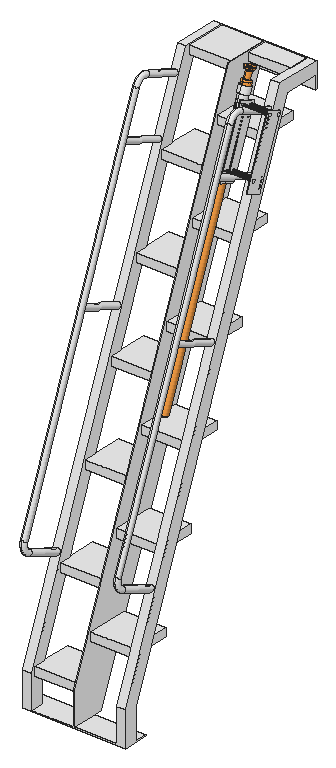
Revit family "Construction_Stairs-Precision_Ladders-Alternating_Tread_Ladder-V1", category Specialty Equipment, Revit 2019
Family settings
  Round Connector Dimension = Use Diameter
  Part Type = Normal
  OmniClass Number = 23.30.70.17
  OmniClass Title = Ladders
  Work Plane-Based = No
  Always vertical = Yes
  Cut with Voids When Loaded = No
  Shared = No
  Room Calculation Point = No
Parameters (values of type "To Roof Hatch")
  offset [instance] = 0' - 0"
  With Walk-Thru = no
  URL = "http://www.precisionladders.com"
  TreadArray [instance] = round(LadderLength / (Riser Height Real / sin(Angle)))  # 13
  Riser Height Real [instance] = if(Desired Riser Height < Riser Height MIN, Riser Height MIN, if(Desired Riser Height > Riser Height MAX, Riser Height MAX, Desired Riser Height))  # 0' - 9"
  Riser Height MIN [instance] = 0' - 8"  # constant formula
  Riser Height MAX [instance] = 0' - 9 1/2"  # constant formula
  Riser Height [instance] = "Design dimensions may vary from actual dimensions.  Always confirm actual dimensions with manufacturer."  # constant formula
  Product data url = "https://www.bimobject.com/precision_ladders_llc/product/alternating-tread-stairs"
  Product Page URL = "https://precisionladders.com/products/alternating-tread-stairs/"
  Model Number = "AT-1"
  Model = "Alternating Tread Stairs"  # constant formula
  Material = Metal - Precision Ladders LLC - Aluminum - Mill Finish
  Manufacturer = "Precision Ladders, LLC"
  LadderLength [instance] = Height Real / sin(Angle Real)  # 10' - 9.42417"
  Ladder Width Real [instance] = if(Ladder Width < Ladder Width MIN, Ladder Width MIN, if(Ladder Width > Ladder Width MAX, Ladder Width MAX, Ladder Width))  # 2' - 0"
  Ladder Width MIN [instance] = if([With Walk-Thru], 2' 4", 2' 0")  # 2' - 0"
  Ladder Width MAX [instance] = if([With Walk-Thru], 2' 4", 2' 0")  # 2' - 0"
  Ladder Width [instance] = if([With Walk-Thru], 2' 4", 2' 0")  # 2' - 0"
  Ladder Depth [instance] = Height / tan(Angle Real) + 0' 7" / sin(Angle Real)  # 4' - 8.03289"
  Keynote = ""
  Height Real [instance] = if(Height > Height MAX, Height MAX, Height)  # 10' - 0"
  Height MAX [instance] = 20' - 0"  # constant formula
  Height [instance] = 10' - 0"
  Extend-A-Rail Retracted [instance] = yes
  Extend-A-Rail Real [instance] = if(and([Extend-A-Rail], not([With Walk-Thru])), 1 < 2, 1 > 2)  # yes
  Extend-A-Rail [instance] = yes
  Desired Riser Height [instance] = 0' - 9"
  Description = "Alternating Tread Stairs (alternating tread ladders) for rooftop access, mezzanine access, or crossover obstacles"
  Assembly Code = ""
  Angle Real [instance] = if(Angle < Angle MIN, Angle MIN, if(Angle > Angle MAX, Angle MAX, Angle))  # 68.00°
  Angle MIN [instance] = 56.00°  # constant formula
  Angle MAX [instance] = 68.00°  # constant formula
  Angle 68 [instance] = yes
  Angle 56 [instance] = not(Angle 68)  # no
  Angle [instance] = if(Angle 68, 68.00°, 56.00°)  # 68.00°
  Actual Riser Height [instance] = sin(Angle Real) * (LadderLength / (TreadArray))  # 0' - 9.23077"
Reference planes (in)
  plane 1 "Center (Front/Back)": y = 0.99421
  plane 2 "Bottom": z = 0
  plane 3 "Center (Left/Right)": x = 12
  plane 4 "Left": x = 0
  plane 5 "Right": x = 24
  plane 6 "Top": z = 120
  plane 7: y = 57.0271
Lines and regions (in)
  reference lines
    curve 1: line (12, 0.99421, 0) -> (12, 47.82003, 115.89798)
Dimensions and locks (in)
  "Height Real": plane 6 "Top" to level
  equal spacing: plane 4 "Left", plane 3 "Center (Left/Right)", plane 5 "Right"
  "Ladder Width Real": plane 4 "Left" to plane 5 "Right"
  "Ladder Depth": plane 1 "Center (Front/Back)" to plane 7
  "Angle Real": angle curve 1 to level
  aligned and locked: plane 3 "Center (Left/Right)" to nested 1
Automatic sketch dimensions
  curve 1 to level = 0' - 0"
  curve 1 to plane 1 "Center (Front/Back)" = 0' - 0"
Nested families (in)
  nested 1: "Ladder" at (0, 27.1159, 64.65346) x (1, 0, 0) z (0, -0.9272, 0.3746), Material <- "Material", Angle <- "Angle Real", Walk Through <- "With Walk-Thru", Handrail Material <- "Material", Width <- "Ladder Width Real", Extend-A-Rail <- "Extend-A-Rail Real", Extend-A-Rail Retracted <- "Extend-A-Rail Retracted", type "Ladder"
    with Width 2' - 0", Walk Through no, Treads Array Odd 6, Treads Array Even 6, Treads Array 13, Tread Width 0' - 9 7/8", Tread Position 0' - 9.95571", Tread Offset Right 0' - 1.13475", Tread Depth 2 0' - 4 29/32", Tread Depth 0' - 9 13/16", Rail Length 7' - 9.42417", Rail Extension 3' - 9.29846", Offset 0' - 0", Material Metal - Precision Ladders LLC - Aluminum - Mill Finish, Length 10' - 9.42417", Height 0' - 3", Handrail Material Metal - Precision Ladders LLC - Aluminum - Mill Finish, Extend-A-Rail Retracted yes, Extend-A-Rail yes, Angle 68.00°, Actual Tread Spacing 0' - 9.23077", Desired Tread Spacing 0' - 9"
Definition of nested family "Ladder"
  Parameters (values of type "Ladder")
    Width [instance] = 2' - 6"
    Walk Through [instance] = yes
    URL = ""
    Treads Array Odd [instance] = Treads Array / 2 - 1  # 6
    Treads Array Even [instance] = Treads Array - Treads Array Odd - 1  # 6
    Treads Array [instance] = round(Length / (Desired Tread Spacing / sin(Angle)))  # 13
    Tread Width [instance] = Width / 2 - 0' 2" - 0' 0 1/8"  # 1' - 0 7/8"
    Desired Tread Spacing = 0' - 9 1/2"
    Tread Position [instance] = Actual Tread Spacing / sin(Angle)  # 0' - 9.95571"
    Tread Offset Right [instance] = 0' 2 207/256" / tan(Angle)  # 0' - 1.13475"
    Tread Depth 2 [instance] = Tread Depth / 2  # 0' - 4 29/32"
    Tread Depth [instance] = if(Angle < 60.00°, 0' 11", 0' 9 13/16")  # 0' - 9 13/16"
    Rail Length [instance] = Length - 3' 0"  # 7' - 9.42417"
    Rail Extension [instance] = 3' 6" / sin(Angle)  # 3' - 9.29846"
    Offset [instance] = 0' - 0"
    Model = ""
    Material [instance] = none
    Manufacturer = ""
    Length [instance] = Floor to Floor Height / sin(Angle)  # 10' - 9.42417"
    Keynote = ""
    Height [instance] = 0' - 3"
    Handrail Material [instance] = none
    Floor to Floor Height = 10' - 0"
    Extend-A-Rail Retracted [instance] = no
    Extend-A-Rail [instance] = yes
    Description = ""
    Default Elevation = 4' - 0"
    Assembly Code = ""
    Angle [instance] = 68.00°
    Actual Tread Spacing [instance] = sin(Angle) * (Length / ((Treads Array)))  # 0' - 9.23077"
  Reference planes (in)
    plane 1 "Center (Front/Back)": y = -5.01892
    plane 2 "Bottom": z = 0
    plane 3 "Center (Left/Right)": x = 12
    plane 4 "Front": y = -69.731
    plane 5 "Back": y = 59.69317
    plane 6 "Left": x = -3
    plane 7 "Right": x = 27
    plane 8 "Top": z = 3
    plane 9: z = 2.81055
    plane 10: y = -59.731
    plane 11: x = 25
    plane 12: x = -1
    plane 13: y = 58.55842
    plane 14: y = 48.60272
    plane 15: y = 38.64701
    plane 16: y = 28.6913
    plane 17: y = 18.7356
  Forms (in)
    Extrusion 1, solid, material <- "Material"
      sketch origin (-11.94222, -69.731, 48) x (-1, 0, 0) y (0, 0, 1)
        loop
          line (-8.94222, -45) -> (-10.94222, -45) -> (-10.94222, -48) -> (-8.94222, -48) -> (-8.94222, -45)
        loop
          line (-38.94222, -45) -> (-38.94222, -48) -> (-36.94222, -48) -> (-36.94222, -45) -> (-38.94222, -45)
      from 10 to 129.42417
    Extrusion 2, void
      sketch origin (12, -10.03784, 0) x (0, -1, 0) y (0, 0, -1)
        loop
          line (-69.731, 0) -> (-72.95894, 0) -> (-72.95894, -3.44456) -> (-68.33931, -3.44456) -> (-69.731, 0)
      from -15 to 15
    Sweep 3, solid, material <- "Material"
      path origin (12, 0, 0) x (0, 1, 0) y (0, 0, 1)
        loop
          line (-59.731, 3) -> (-62.30574, 3) -> (-69.731, 0)
      profile origin (12, -61.01837, 3) x (0, 0, -1) y (1, 0, 0)
        loop
          line (0, -15) -> (3, -15) -> (3, -13) -> (0, -13) -> (0, -15)
    Sweep 4, solid, material <- "Material"
      path origin (12, 0, 0) x (0, 1, 0) y (0, 0, -1)
        loop
          line (-59.731, -3) -> (-62.30574, -3) -> (-69.731, 0)
      profile origin (12, -61.01837, 3) x (0, 0, 1) y (-1, 0, 0)
        loop
          line (0, -15) -> (0, -13) -> (-3, -13) -> (-3, -15) -> (0, -15)
    Sweep 5, solid, material <- "Material"
      path origin (12, 0, 0) x (0, 1, 0) y (0, 0, 1)
        loop
          line (58.48109, 3) -> (59.62802, 0.16124) -> (62.52135, -7)
      profile origin (12, 61.07469, -3.41938) x (0, 0.927184, 0.374607) y (1, 0, 0)
        loop
          line (0, -13) -> (-3, -13) -> (-3, -15) -> (0, -15) -> (0, -13)
    Sweep 6, solid, material <- "Material"
      path origin (12, 0, 0) x (0, 1, 0) y (0, 0, -1)
        loop
          line (58.48109, -3) -> (59.21486, -1.18386) -> (62.52135, 7)
      profile origin (12, 60.8681, -2.90807) x (0, -0.927184, -0.374607) y (-1, 0, 0)
        loop
          line (0, -13) -> (0, -15) -> (3, -15) -> (3, -13) -> (0, -13)
    Extrusion 7, solid, material <- "Material"
      sketch origin (12, 0, 0) x (0, 1, 0) y (0, 0, 1)
        loop
          line (-69.731, 0) -> (-67.48336, -5.5631) -> (-67.25157, -5.46945) -> (-69.49921, 0.09365) -> (-69.731, 0)
      from -15 to 15
    Extrusion 8, solid, material <- "Material"
      sketch origin (12, 0, 0) x (0, 1, 0) y (0, 0, 1)
        loop
          line (-62.30574, 3) -> (-69.49921, 0.09365) -> (-66.63319, -7) -> (62.52135, -7) -> (58.48109, 3) -> (-62.30574, 3)
      from -0.125 to 0.125
    Extrusion 9, solid, material <- "Material"
      sketch origin (12, 0, 0) x (0, 1, 0) y (0, 0, 1)
        loop
          line (56.95825, -9.24764) -> (62.52135, -7) -> (62.4277, -6.7682) -> (56.8646, -9.01584) -> (56.95825, -9.24764)
      from -15 to 15
    Extrusion 10, solid, material <- "Material"
      sketch origin (12, 0, 0) x (0, 1, 0) y (0, 0, 1)
        loop
          line (58.75187, 2.32979) -> (56.8975, 1.58057) -> (60.57333, -7.51742) -> (62.4277, -6.7682) -> (58.75187, 2.32979)
      from -13 to -0.125
    Extrusion 11, solid, material <- "Material"
      sketch origin (12, 0, 0) x (0, 1, 0) y (0, 0, -1)
        loop
          line (60.58978, 2.21921) -> (62.4277, 6.7682) -> (60.57333, 7.51742) -> (58.73542, 2.96842) -> (60.58978, 2.21921)
      from -13 to -0.125
  Cuts and joins
    Extrusion 2 cuts Extrusion 1
    joined: Extrusion 1, Sweep 3, Sweep 4, Sweep 5, Sweep 6, Extrusion 7, Extrusion 8, Extrusion 9
  Lines and regions (in)
    model lines, detail levels medium+fine
      curve 1: line (11.875, 61.20242, -3.73554) -> (-1, 61.20242, -3.73554)
      curve 2: line (-1, 61.81506, -5.25187) -> (11.875, 61.81506, -5.25187)
      curve 3: line (12.125, 61.81506, -5.25187) -> (25, 61.81506, -5.25187)
      curve 4: line (25, 61.20242, -3.73554) -> (12.125, 61.20242, -3.73554)
      curve 5: line (11.875, 60.58978, -2.21921) -> (-1, 60.58978, -2.21921)
      curve 6: line (11.875, 59.97715, -0.70288) -> (-1, 59.97715, -0.70288)
      curve 7: line (11.875, 59.36451, 0.81346) -> (-1, 59.36451, 0.81346)
  Dimensions and locks (in)
    "Height": plane 8 "Top" to level
    equal spacing: plane 6 "Left", plane 3 "Center (Left/Right)", plane 7 "Right"
    "Width": plane 6 "Left" to plane 7 "Right"
    equal spacing: plane 5 "Back", plane 1 "Center (Front/Back)", plane 4 "Front"
    "Length": plane 5 "Back" to plane 4 "Front"
    locked: plane 9 to plane 8 "Top" at 0.18945
    locked: plane 5 "Back" to nested 1 at 6
    locked: plane 5 "Back" to nested 2 at 6
    nested 1 to plane 7 "Right" = 0' - 1"
    plane 6 "Left" to nested 2 = 0' - 1"
    locked: nested 2 to plane 6 "Left" at 1
    locked: plane 7 "Right" to nested 1 at 1
    plane 10 to plane 4 "Front" = 0' - 10"
    locked: Extrusion 7 sketch curve to Extrusion 7 sketch curve at 0.25
    locked: Extrusion 7 sketch curve to Extrusion 7 sketch curve at 6
    cut or joined group of Extrusion 1, Extrusion 2, Sweep 3, Sweep 4, Sweep 5, Sweep 6, Extrusion 7, Extrusion 8, Extrusion 9 to Extrusion 8 sketch curve = 0' - 10"
    locked: plane 8 "Top" to Sweep 5 sketch curve at 10
    locked: Extrusion 9 sketch curve to Extrusion 9 sketch curve at 0.25
    locked: Extrusion 9 sketch curve to Extrusion 9 sketch curve at 6
    locked: plane 8 "Top" to Sweep 6 sketch curve at 10
    "Tread Depth": Extrusion 10 sketch curve to cut or joined group of Extrusion 1, Extrusion 2, Sweep 3, Sweep 4, Sweep 5, Sweep 6, Extrusion 7, Extrusion 8, Extrusion 9
    locked: Extrusion 10 sketch curve to Extrusion 10 sketch curve at 2
    equal spacing: Extrusion 10, curve 1, curve 2, Extrusion 10
    locked: Extrusion 1 sketch curve to plane 6 "Left" at 2
    locked: plane 7 "Right" to Extrusion 1 sketch curve at 2
    locked: plane 11 to plane 7 "Right" at 2
    locked: plane 6 "Left" to plane 12 at 2
    locked: Extrusion 11 sketch curve to Extrusion 11 sketch curve at 2
    equal spacing: Extrusion 11, curve 4, curve 3, Extrusion 11
    equal spacing: Extrusion 10, curve 7, curve 6, curve 5, curve 1, curve 2, Extrusion 10
    "Tread Depth 2": Extrusion 10 to Extrusion 11 sketch curve
    locked: plane 5 "Back" to nested 4 at 13
    locked: nested 4 to plane 8 "Top" at 6
    "Tread Offset Right": plane 5 "Back" to plane 13
    "Tread Position": plane 13 to plane 14
    "Tread Position": plane 14 to plane 15
    "Tread Position": plane 15 to plane 16
    "Tread Position": plane 16 to plane 17
    equal spacing: group 1, group 2, group 5, group 6, group 7, group 8  (x2)
    equal spacing: group 8, group 7, group 6, group 5, group 2, group 1
    equal spacing: group 3, group 4, group 9, group 10, group 11, group 12  (x2)
    equal spacing: group 12, group 11, group 10, group 9, group 4, group 3
    nested 5 to cut or joined group of Extrusion 1, Extrusion 2, Sweep 3, Sweep 4, Sweep 5, Sweep 6, Extrusion 7, Extrusion 8, Extrusion 9 = 0' - 9.23004"
    nested 3 to nested 5 = 0' - 9.23077"
    "Angle": angle level to Extrusion 2 sketch curve
    "Angle": angle plane 4 "Front" to Sweep 3 sketch curve
    "Angle": angle level to Sweep 5 sketch curve
    "Angle": angle level to Sweep 6 sketch curve
    "Angle": angle plane 4 "Front" to Sweep 4 sketch curve
    aligned and locked: plane 5 "Back" to Extrusion 1
    aligned and locked: Extrusion 2 sketch curve to level
    aligned and locked: Extrusion 2 to plane 6 "Left"
    aligned and locked: plane 7 "Right" to Extrusion 2
    aligned and locked: nested 1 to plane 8 "Top"
    aligned and locked: plane 8 "Top" to nested 2
    aligned and locked: cut or joined group of Extrusion 1, Extrusion 2, Sweep 3, Sweep 4, Sweep 5, Sweep 6, Extrusion 7, Extrusion 8, Extrusion 9 to Sweep 3 sketch curve  (x2)
    aligned and locked: Sweep 3 sketch curve to cut or joined group of Extrusion 1, Extrusion 2, Sweep 3, Sweep 4, Sweep 5, Sweep 6, Extrusion 7, Extrusion 8, Extrusion 9  (x2)
    aligned and locked: plane 10 to Extrusion 1
    aligned and locked: Sweep 3 sketch curve to plane 8 "Top"
    aligned and locked: plane 4 "Front" to Sweep 3 sketch curve
    aligned and locked: level to Sweep 3 sketch curve
    aligned and locked: Sweep 4 sketch curve to cut or joined group of Extrusion 1, Extrusion 2, Sweep 3, Sweep 4, Sweep 5, Sweep 6, Extrusion 7, Extrusion 8, Extrusion 9  (x4)
    aligned and locked: Sweep 5 sketch curve to cut or joined group of Extrusion 1, Extrusion 2, Sweep 3, Sweep 4, Sweep 5, Sweep 6, Extrusion 7, Extrusion 8, Extrusion 9  (x3)
    aligned and locked: cut or joined group of Extrusion 1, Extrusion 2, Sweep 3, Sweep 4, Sweep 5, Sweep 6, Extrusion 7, Extrusion 8, Extrusion 9 to Sweep 6 sketch curve  (x2)
    aligned and locked: Sweep 6 sketch curve to Sweep 5
    aligned and locked: Sweep 4 sketch curve to plane 8 "Top"
    aligned and locked: plane 4 "Front" to Sweep 4 sketch curve
    aligned and locked: level to Sweep 4 sketch curve
    aligned and locked: Extrusion 7 sketch curve to cut or joined group of Extrusion 1, Extrusion 2, Sweep 3, Sweep 4, Sweep 5, Sweep 6, Extrusion 7, Extrusion 8, Extrusion 9  (x2)
    aligned and locked: Extrusion 7 to plane 6 "Left"
    aligned and locked: plane 7 "Right" to Extrusion 7
    aligned and locked: Extrusion 8 sketch curve to cut or joined group of Extrusion 1, Extrusion 2, Sweep 3, Sweep 4, Sweep 5, Sweep 6, Extrusion 7, Extrusion 8, Extrusion 9  (x3)
    aligned and locked: cut or joined group of Extrusion 1, Extrusion 2, Sweep 3, Sweep 4, Sweep 5, Sweep 6, Extrusion 7, Extrusion 8, Extrusion 9 to Extrusion 8 sketch curve
    aligned and locked: nested 2 to Sweep 6 sketch curve
    aligned and locked: plane 8 "Top" to Sweep 5 sketch curve
    aligned and locked: Extrusion 9 sketch curve to cut or joined group of Extrusion 1, Extrusion 2, Sweep 3, Sweep 4, Sweep 5, Sweep 6, Extrusion 7, Extrusion 8, Extrusion 9  (x2)
    aligned and locked: Extrusion 9 to cut or joined group of Extrusion 1, Extrusion 2, Sweep 3, Sweep 4, Sweep 5, Sweep 6, Extrusion 7, Extrusion 8, Extrusion 9
    aligned and locked: cut or joined group of Extrusion 1, Extrusion 2, Sweep 3, Sweep 4, Sweep 5, Sweep 6, Extrusion 7, Extrusion 8, Extrusion 9 to Extrusion 9
    aligned and locked: cut or joined group of Extrusion 1, Extrusion 2, Sweep 3, Sweep 4, Sweep 5, Sweep 6, Extrusion 7, Extrusion 8, Extrusion 9 to Extrusion 10 sketch curve
    aligned and locked: Extrusion 10 sketch curve to cut or joined group of Extrusion 1, Extrusion 2, Sweep 3, Sweep 4, Sweep 5, Sweep 6, Extrusion 7, Extrusion 8, Extrusion 9
    aligned and locked: cut or joined group of Extrusion 1, Extrusion 2, Sweep 3, Sweep 4, Sweep 5, Sweep 6, Extrusion 7, Extrusion 8, Extrusion 9 to plane 6 "Left"
    aligned and locked: cut or joined group of Extrusion 1, Extrusion 2, Sweep 3, Sweep 4, Sweep 5, Sweep 6, Extrusion 7, Extrusion 8, Extrusion 9 to plane 7 "Right"
    aligned and locked: Extrusion 10 to plane 12
    aligned and locked: Extrusion 10 to Extrusion 11 sketch curve
    aligned and locked: Extrusion 11 sketch curve to Extrusion 10
    aligned and locked: Extrusion 11 sketch curve to cut or joined group of Extrusion 1, Extrusion 2, Sweep 3, Sweep 4, Sweep 5, Sweep 6, Extrusion 7, Extrusion 8, Extrusion 9
    aligned and locked: plane 11 to Extrusion 11
    aligned and locked: Extrusion 10 to cut or joined group of Extrusion 1, Extrusion 2, Sweep 3, Sweep 4, Sweep 5, Sweep 6, Extrusion 7, Extrusion 8, Extrusion 9
    aligned and locked: Extrusion 11 to cut or joined group of Extrusion 1, Extrusion 2, Sweep 3, Sweep 4, Sweep 5, Sweep 6, Extrusion 7, Extrusion 8, Extrusion 9
    aligned and locked: nested 5 to plane 14
    aligned and locked: plane 15 to nested 3
    aligned and locked: plane 9 to nested 5
    aligned and locked: nested 3 to plane 9
    aligned and locked: nested 6 to plane 16
    aligned and locked: plane 9 to nested 6
    aligned and locked: plane 17 to nested 7
    aligned and locked: nested 7 to plane 9
    aligned and locked: plane 12 to nested 15
    aligned and locked: plane 12 to nested 3
    aligned and locked: plane 12 to nested 7
    aligned and locked: plane 11 to nested 5
    aligned and locked: plane 11 to nested 6
  Automatic sketch dimensions
    Extrusion 1 sketch curve to plane 7 "Right" = 0' - 0"
    Extrusion 1 sketch curve to plane 6 "Left" = 0' - 0"
    Extrusion 1 sketch curve to level = 0' - 0"  (x2)
    Extrusion 1 sketch curve to plane 8 "Top" = 0' - 0"  (x2)
    Sweep 5 sketch curve to profile plane = 0' - 0"
    profile plane to Sweep 5 sketch curve = 0' - 3"
    profile plane to Sweep 6 sketch curve = 0' - 0"
    Sweep 6 sketch curve to profile plane = 0' - 3"
    curve 7 to Extrusion 10 = 0' - 0"  (x2)
    curve 6 to Extrusion 10 = 0' - 0"  (x2)
    curve 5 to Extrusion 10 = 0' - 0"  (x2)
    curve 1 to Extrusion 10 = 0' - 0"  (x2)
    curve 2 to Extrusion 10 = 0' - 0"  (x2)
    curve 3 to Extrusion 11 = 0' - 0"  (x2)
    curve 4 to Extrusion 11 = 0' - 0"  (x2)
    Extrusion 2 sketch curve to plane 5 "Back" = 0' - 0"
    Extrusion 2 sketch curve to plane 8 "Top" = 0' - 0.44456"
    Extrusion 2 sketch curve to plane 5 "Back" = 0' - 3.22793"
    Sweep 3 sketch curve to plane 10 = 0' - 0"
    Sweep 4 sketch curve to plane 10 = 0' - 0"
  Nested families (in)
    nested 1: "Rail" at (31.01892, 18.98108, 3) x (0, -1, 0) z (0, 0, 1), Material <- "Handrail Material", Unit Width <- "Rail Length", Walkthrough <- "Walk Through", Rail Extension <- "Rail Extension", Extend-A-Rail <- "Extend-A-Rail", type "Rail"
      with offset 0' - 0", Walkthrough yes, Unit Width 7' - 9.42417", Unit Height 1' - 0", Unit Depth 4' - 3 1/16", Rail1 yes, Rail Extension 3' - 9.29846", Rail Extend-A-Rail yes, Rail 4 no, Rail 3 no, Rail 2 no, No Walkthrough no, Material none, Extend-A-Rail yes
    nested 2: "Rail" at (3.01892, 18.98108, 3) x (0, -1, 0) z (0, 0, 1), Material <- "Handrail Material", Unit Width <- "Rail Length", Walkthrough <- "Walk Through", Rail Extension <- "Rail Extension", Extend-A-Rail <- "Extend-A-Rail", type "Rail"
      with offset 0' - 0", Walkthrough yes, Unit Width 7' - 9.42417", Unit Height 1' - 0", Unit Depth 0' - 1 1/16", Rail1 yes, Rail Extension 3' - 9.29846", Rail Extend-A-Rail yes, Rail 4 no, Rail 3 no, Rail 2 no, No Walkthrough no, Material none, Extend-A-Rail yes
    nested 3: "Tread" at (-6.5625, 43.66593, 2.81055), Unit Width <- "Tread Width", Material <- "Material", Angle <- "Angle", Unit Depth <- "Tread Depth", type "Tread"
      with offset 0' - 0", Unit Width 1' - 0 7/8", Unit Height 0' - 1", Unit Depth 0' - 9 13/16", Material none, Angle 68.00°
    nested 4: "Construction_Stairs-Precision_Ladders-Extend_A_Rail_Ladder_Safety_Post" at (25, 46.69317, 9) x (0, 0, -1) z (-1, 0, 0), Retracted <- "Extend-A-Rail Retracted", visible <- "Extend-A-Rail", type "ER-1"
      with Retracted no, Required Bracket Spacing 0' - 6", Extended yes
    nested 5: "Tread" at (30.5625, 53.62163, 2.81055) x (-1, 0, 0) z (0, 0, 1), Unit Width <- "Tread Width", Material <- "Material", Angle <- "Angle", Unit Depth <- "Tread Depth", type "Tread"
      with offset 0' - 0", Unit Width 1' - 0 7/8", Unit Height 0' - 1", Unit Depth 0' - 9 13/16", Material none, Angle 68.00°
    nested 6: "Tread" at (30.5625, 33.71022, 2.81055) x (-1, 0, 0) z (0, 0, 1), Unit Width <- "Tread Width", Material <- "Material", Angle <- "Angle", Unit Depth <- "Tread Depth", type "Tread"
      with offset 0' - 0", Unit Width 1' - 0 7/8", Unit Height 0' - 1", Unit Depth 0' - 9 13/16", Material none, Angle 68.00°
    nested 7: "Tread" at (-6.5625, 23.75452, 2.81055), Unit Width <- "Tread Width", Material <- "Material", Angle <- "Angle", Unit Depth <- "Tread Depth", type "Tread"
      with offset 0' - 0", Unit Width 1' - 0 7/8", Unit Height 0' - 1", Unit Depth 0' - 9 13/16", Material none, Angle 68.00°
    nested 8: "Tread" at (30.5625, 13.79881, 2.81055) x (-1, 0, 0) z (0, 0, 1), Unit Width <- "Tread Width", Material <- "Material", Angle <- "Angle", Unit Depth <- "Tread Depth", type "Tread"
      with offset 0' - 0", Unit Width 1' - 0 7/8", Unit Height 0' - 1", Unit Depth 0' - 9 13/16", Material none, Angle 68.00°
    nested 9: "Tread" at (30.5625, -6.1126, 2.81055) x (-1, 0, 0) z (0, 0, 1), Unit Width <- "Tread Width", Material <- "Material", Angle <- "Angle", Unit Depth <- "Tread Depth", type "Tread"
      with offset 0' - 0", Unit Width 1' - 0 7/8", Unit Height 0' - 1", Unit Depth 0' - 9 13/16", Material none, Angle 68.00°
    nested 10: "Tread" at (30.5625, -26.02401, 2.81055) x (-1, 0, 0) z (0, 0, 1), Unit Width <- "Tread Width", Material <- "Material", Angle <- "Angle", Unit Depth <- "Tread Depth", type "Tread"
      with offset 0' - 0", Unit Width 1' - 0 7/8", Unit Height 0' - 1", Unit Depth 0' - 9 13/16", Material none, Angle 68.00°
    nested 11: "Tread" at (30.5625, -45.93542, 2.81055) x (-1, 0, 0) z (0, 0, 1), Unit Width <- "Tread Width", Material <- "Material", Angle <- "Angle", Unit Depth <- "Tread Depth", type "Tread"
      with offset 0' - 0", Unit Width 1' - 0 7/8", Unit Height 0' - 1", Unit Depth 0' - 9 13/16", Material none, Angle 68.00°
    nested 12: "Tread" at (-6.5625, 3.84311, 2.81055), Unit Width <- "Tread Width", Material <- "Material", Angle <- "Angle", Unit Depth <- "Tread Depth", type "Tread"
      with offset 0' - 0", Unit Width 1' - 0 7/8", Unit Height 0' - 1", Unit Depth 0' - 9 13/16", Material none, Angle 68.00°
    nested 13: "Tread" at (-6.5625, -16.0683, 2.81055), Unit Width <- "Tread Width", Material <- "Material", Angle <- "Angle", Unit Depth <- "Tread Depth", type "Tread"
      with offset 0' - 0", Unit Width 1' - 0 7/8", Unit Height 0' - 1", Unit Depth 0' - 9 13/16", Material none, Angle 68.00°
    nested 14: "Tread" at (-6.5625, -35.97971, 2.81055), Unit Width <- "Tread Width", Material <- "Material", Angle <- "Angle", Unit Depth <- "Tread Depth", type "Tread"
      with offset 0' - 0", Unit Width 1' - 0 7/8", Unit Height 0' - 1", Unit Depth 0' - 9 13/16", Material none, Angle 68.00°
    nested 15: "Tread" at (-6.5625, -55.89112, 2.81055), Unit Width <- "Tread Width", Material <- "Material", Angle <- "Angle", Unit Depth <- "Tread Depth", type "Tread"
      with offset 0' - 0", Unit Width 1' - 0 7/8", Unit Height 0' - 1", Unit Depth 0' - 9 13/16", Material none, Angle 68.00°
  Definition of nested family "Rail"
    Parameters (values of type "Rail")
      offset [instance] = 0' - 0"
      Walkthrough [instance] = no
      Unit Width [instance] = 10' - 0"
      Unit Height [instance] = 1' - 0"
      Unit Depth [instance] = 0' - 1 1/16"
      URL = ""
      Rail1 [instance] = Unit Width > 4' 4"  # yes
      Rail Extension [instance] = 4' - 0"
      Rail Extend-A-Rail [instance] = if(or(and([Extend-A-Rail], Unit Width < 4' 4"), and([Extend-A-Rail], Rail1, Unit Width < 5' 8"), and([Extend-A-Rail], Rail 2, Unit Width < 9' 8"), and([Extend-A-Rail], Rail 3, Unit Width < 13' 8"), and([Extend-A-Rail], Rail 4, Unit Width < 17' 8")), 1 > 2, 1 < 2)  # yes
      Rail 4 [instance] = Unit Width > 16' 4"  # no
      Rail 3 [instance] = Unit Width > 12' 4"  # no
      Rail 2 [instance] = Unit Width > 8' 4"  # yes
      No Walkthrough [instance] = not(Walkthrough)  # yes
      Model = ""
      Material [instance] = none
      Manufacturer = ""
      Keynote = ""
      Extend-A-Rail [instance] = yes
      Description = ""
      Assembly Code = ""
    Reference planes (in)
      plane 1 "Center (Front/Back)": y = -5.01892
      plane 2 "Bottom": z = 0
      plane 3 "Center (Left/Right)": x = 12
      plane 4 "Front": y = -5.55017
      plane 5 "Back": y = -4.48767
      plane 6 "Left": x = -48
      plane 7 "Right": x = 72
      plane 8 "Top": z = 12
      plane 9: x = 24
      plane 10: x = -24
      plane 11: z = 11.46875
      plane 12: x = -72
      plane 13: x = -96
      plane 14: x = -120
    Forms (in)
      Sweep 1, solid, material <- "Material", visible <- "No Walkthrough"
        path origin (0, -5.01892, 0) x (1, 0, 0) y (0, 0, 1)
          loop
            line (-48, 0) -> (-48, 9)
            arc (-48, 9) -> (-47.12132, 11.12132) -> (-45, 12) r 3
            line (-45, 12) -> (69, 12)
            arc (69, 12) -> (71.12132, 11.12132) -> (72, 9) r 3
            line (72, 9) -> (72, 0)
        profile origin (12, -5.01892, 12) x (0, 0, 1) y (0, -1, 0)
          loop
            circle (-0.625, 0) r 0.625
      Extrusion 2, solid, material <- "Material", visible <- "Rail 2"
        sketch origin (0, 0, 0) x (1, 0, 0) y (0, 1, 0)
          loop
            circle (-24, -5.01892) r 0.625
        from 0 to 11.46875
      Extrusion 3, solid, material <- "Material", visible <- "Rail1"
        sketch origin (38, 0, 0) x (1, 0, 0) y (0, 1, 0)
          loop
            circle (-14, -5.01892) r 0.625
        from 0 to 11.46875
      Extrusion 4, solid, material <- "Material", visible <- "Rail 3"
        sketch origin (-58, 0, 0) x (1, 0, 0) y (0, 1, 0)
          loop
            circle (-14, -5.01892) r 0.625
        from 0 to 11.46875
      Sweep 5, solid, material <- "Material", visible <- "Walkthrough"
        path origin (0, -5.01892, 0) x (1, 0, 0) y (0, 0, 1)
          loop
            line (-47.375, 6) -> (-93, 6)
            arc (-93, 6) -> (-96, 9) -> (-93, 12) r 3
            line (-93, 12) -> (69, 12)
            arc (69, 12) -> (71.12132, 11.12132) -> (72, 9) r 3
            line (72, 9) -> (72, 0)
        profile origin (-12, -5.01892, 12) x (0, 0, 1) y (0, -1, 0)
          loop
            circle (-0.625, 0) r 0.625
      Extrusion 6, solid, material <- "Material", visible <- "Walkthrough"
        sketch origin (-23.375, 0, 0) x (1, 0, 0) y (0, 1, 0)
          loop
            circle (-24, -5.01892) r 0.625
        from 0 to 11.46875
      Extrusion 7, solid, material <- "Material", visible <- "Rail 4"
        sketch origin (-89, 0, 0) x (1, 0, 0) y (0, 1, 0)
          loop
            circle (-31, -5.01892) r 0.625
        from 0 to 11.46875
      Extrusion 8, solid, material <- "Material", visible <- "Rail Extend-A-Rail"
        sketch origin (-10.625, 0, 0) x (1, 0, 0) y (0, 1, 0)
          loop
            circle (-24, -5.01892) r 0.625
        from 0 to 11.46875
    Dimensions and locks (in)
      "Unit Height": plane 8 "Top" to level
      equal spacing: plane 6 "Left", plane 3 "Center (Left/Right)", plane 7 "Right"
      "Unit Width": plane 6 "Left" to plane 7 "Right"
      equal spacing: plane 5 "Back", plane 1 "Center (Front/Back)", plane 4 "Front"
      "Unit Depth": plane 5 "Back" to plane 4 "Front"
      locked: plane 7 "Right" to plane 9 at 48
      locked: plane 8 "Top" to plane 11 at 0.53125
      locked: plane 9 to plane 10 at 48
      locked: plane 10 to plane 12 at 48
      "Rail Extension": plane 6 "Left" to plane 13
      locked: plane 12 to plane 14 at 48
      locked: plane 14 to Extrusion 7 sketch curve at 0.625
      locked: plane 6 "Left" to Extrusion 8 at 14
      aligned and locked: Extrusion 2 to plane 11
      aligned and locked: Extrusion 3 to plane 11
    Automatic sketch dimensions
      Sweep 1 sketch curve to plane 6 "Left" = 0' - 0"
      Sweep 1 sketch curve to plane 8 "Top" = 0' - 0"
      Sweep 1 sketch curve to level = 0' - 0"  (x2)
      Sweep 1 sketch curve to plane 7 "Right" = 0' - 0"
      plane 11 to Sweep 1 sketch curve = 0' - 2 15/32"  (x2)
      Sweep 1 sketch curve to plane 1 "Center (Front/Back)" = 0' - 0"
      profile plane to Sweep 1 sketch curve = 0' - 0 5/8"
      plane 1 "Center (Front/Back)" to Extrusion 2 sketch curve = 0' - 0"
      Extrusion 2 sketch curve to plane 10 = 0' - 0"
      plane 1 "Center (Front/Back)" to Extrusion 3 sketch curve = 0' - 0"
      Extrusion 3 sketch curve to plane 9 = 0' - 0"
      Extrusion 4 sketch curve to plane 1 "Center (Front/Back)" = 0' - 0"
      Extrusion 4 sketch curve to plane 12 = 0' - 0"
      Sweep 5 sketch curve to plane 8 "Top" = 0' - 0"
      Sweep 5 sketch curve to plane 7 "Right" = 0' - 0"
      Sweep 5 sketch curve to level = 0' - 0"
      Sweep 5 sketch curve to plane 7 "Right" = 0' - 3"
      plane 13 to Sweep 5 sketch curve = 0' - 3"
      plane 11 to Sweep 5 sketch curve = 0' - 5 15/32"
      plane 6 "Left" to Sweep 5 sketch curve = 0' - 0 5/8"
      Sweep 5 sketch curve to plane 1 "Center (Front/Back)" = 0' - 0"
      profile plane to Sweep 5 sketch curve = 0' - 0 5/8"
      plane 1 "Center (Front/Back)" to Extrusion 6 sketch curve = 0' - 0"
      plane 6 "Left" to Extrusion 6 sketch curve = 0' - 0 5/8"
      Extrusion 7 sketch curve to plane 1 "Center (Front/Back)" = 0' - 0"
      Extrusion 7 sketch curve to plane 14 = 0' - 0"
      plane 1 "Center (Front/Back)" to Extrusion 8 sketch curve = 0' - 0"
      plane 6 "Left" to Extrusion 8 sketch curve = 1' - 1 3/8"
      radius of Sweep 1 sketch curve = 0' - 0 5/8"
      radius of Extrusion 2 sketch curve = 0' - 0 5/8"
      radius of Extrusion 3 sketch curve = 0' - 0 5/8"
      radius of Extrusion 4 sketch curve = 0' - 0 5/8"
      radius of Sweep 5 sketch curve = 0' - 0 5/8"
      radius of Extrusion 6 sketch curve = 0' - 0 5/8"
      radius of Extrusion 8 sketch curve = 0' - 0 5/8"
  Definition of nested family "Tread"
    Parameters (values of type "Tread")
      offset [instance] = 0' - 0"
      Unit Width [instance] = 1' - 8 3/16"
      Unit Height [instance] = 0' - 1"
      Unit Depth [instance] = 0' - 9 13/16"
      URL = ""
      Model = ""
      Material [instance] = none
      Manufacturer = ""
      Keynote = ""
      Description = ""
      Assembly Code = ""
      Angle [instance] = 60.00°
    Reference planes (in)
      plane 1 "Center (Front/Back)": y = -5.01892
      plane 2 "Bottom": z = 0
      plane 3 "Center (Left/Right)": x = 12
      plane 4 "Left": x = 1.90625
      plane 5 "Right": x = 22.09375
      plane 6 "Top": z = 1
      plane 7: z = -4.6221
    Forms (in)
      Extrusion 1, solid, material <- "Material"
        sketch origin (12, -5.01892, 0) x (0, -0.5, 0.866025) y (0, -0.866025, -0.5)
          loop
            line (0, 2) -> (-9.8125, 2) -> (-9.8125, 0) -> (0, 0) -> (0, 2)
        from -10.09375 to 10.09375
    Lines and regions (in)
      reference lines
        curve 1: line (12, -5.01892, 0) -> (12, -10.76892, 9.95929)
        curve 2: line (12, -12.50097, 8.95929) -> (12, -3.25097, -7.06218)
      model lines, detail levels medium+fine
        curve 3: line (1.90625, -4.31803, -1.21398) -> (22.09375, -4.31803, -1.21398)
        curve 4: line (1.90625, -3.61713, -2.42796) -> (22.09375, -3.61713, -2.42796)
        curve 5: line (1.90625, -2.91624, -3.64195) -> (22.09375, -2.91624, -3.64195)
        curve 6: line (1.90625, -2.21535, -4.85593) -> (22.09375, -2.21535, -4.85593)
        curve 7: line (1.90625, -1.51445, -6.06991) -> (22.09375, -1.51445, -6.06991)
        curve 8: line (1.90625, -0.81356, -7.28389) -> (22.09375, -0.81356, -7.28389)
    Dimensions and locks (in)
      "Unit Height": plane 6 "Top" to level
      equal spacing: plane 4 "Left", plane 3 "Center (Left/Right)", plane 5 "Right"
      "Unit Width": plane 4 "Left" to plane 5 "Right"
      curve 2 to curve 1 = 0' - 2"
      locked: level to plane 7 at 4.6221
      equal spacing: Extrusion 1, curve 8, curve 7, curve 6, curve 5, curve 4, curve 3, Extrusion 1
      "Unit Depth": Extrusion 1 sketch curve to Extrusion 1 sketch curve
      "Angle": angle level to curve 1
      aligned and locked: Extrusion 1 to plane 4 "Left"
      aligned and locked: plane 5 "Right" to Extrusion 1
      aligned and locked: Extrusion 1 sketch curve to curve 1
      aligned and locked: curve 2 to Extrusion 1 sketch curve
      aligned and locked: Extrusion 1 to curve 3  (x2)
      aligned and locked: Extrusion 1 to curve 4  (x2)
      aligned and locked: Extrusion 1 to curve 5  (x2)
      aligned and locked: Extrusion 1 to curve 6  (x2)
      aligned and locked: Extrusion 1 to curve 7  (x2)
      aligned and locked: Extrusion 1 to curve 8  (x2)
    Automatic sketch dimensions
      curve 1 to level = 0' - 0"
      curve 1 to plane 1 "Center (Front/Back)" = 0' - 0"
      curve 2 to curve 1 = 0' - 0"
      curve 2 to curve 1 = 0' - 7"
      Extrusion 1 sketch curve to curve 1 = 0' - 0"
  Definition of nested family "Construction_Stairs-Precision_Ladders-Extend_A_Rail_Ladder_Safety_Post"
    Parameters (values of type "ER-1")
      Width = 0' - 4"
      URL = "http://www.precisionladders.com"
      Retracted [instance] = yes
      Required Bracket Spacing [instance] = 0' - 6"
      Product data url = ""
      Product Page URL = "http://www.precisionladders.com"
      Product Guid = ""
      Model Number = "ER-1"  # constant formula
      Model = "Extend-A-Rail"  # constant formula
      Material = ""
      Manufacturer = "Precision Ladders,LLC"  # constant formula
      Length = 5' - 7 11/16"
      Finish = none
      Extended [instance] = not(Retracted)  # no
      Description = ""
      Default Elevation = 4' - 0"
      Additional Mat Finishes = none
    Reference planes (in)
      plane 1 "Center (Front/Back)": y = 0
      plane 2: z = 0
      plane 3 "Center (Left/Right)": x = 0
      plane 4: z = 0.25
      plane 5: z = -6
      plane 6: z = -6.25
      plane 7: z = 0.5
      plane 8: z = -6.5
      plane 9: y = 58.9375
      plane 10: y = 58.6875
      plane 11: y = 57.0625
      plane 12: y = 56.8125
      plane 13: y = 13.6875
      plane 14: y = 13.4375
      plane 15: y = 11.8125
      plane 16: y = 11.5625
    Forms (in)
      Extrusion 1, solid
        sketch origin (0, 0, 0) x (1, 0, 0) y (0, 1, 0)
          loop
            line (-48, 79) -> (-48, -48) -> (48, -48) -> (48, 79) -> (-48, 79)
        from 0 to -12
      Extrusion 2, solid, material <- "Additional Mat Finishes"
        sketch origin (0, 0, 0) x (1, 0, 0) y (0, 1, 0)
          loop
            line (-2, 7.75) -> (-2, -7.75)
            arc (-2, -7.75) -> (-1.92678, -7.92678) -> (-1.75, -8) r 0.25
            line (-1.75, -8) -> (1.75, -8)
            arc (1.75, -8) -> (1.92678, -7.92678) -> (2, -7.75) r 0.25
            line (2, -7.75) -> (2, 7.75)
            arc (2, 7.75) -> (1.92678, 7.92678) -> (1.75, 8) r 0.25
            line (1.75, 8) -> (-1.75, 8)
            arc (-1.75, 8) -> (-1.92678, 7.92678) -> (-2, 7.75) r 0.25
          loop
            line (-1.5625, 7.3125) -> (-1.5625, 4.3125)
            arc (-1.5625, 4.3125) -> (-1.375, 4.125) -> (-1.1875, 4.3125) r 0.1875
            line (-1.1875, 4.3125) -> (-1.1875, 7.3125)
            arc (-1.1875, 7.3125) -> (-1.375, 7.5) -> (-1.5625, 7.3125) r 0.1875
          loop
            arc (1.5625, 7.3125) -> (1.375, 7.5) -> (1.1875, 7.3125) r 0.1875
            line (1.1875, 7.3125) -> (1.1875, 4.3125)
            arc (1.1875, 4.3125) -> (1.375, 4.125) -> (1.5625, 4.3125) r 0.1875
            line (1.5625, 4.3125) -> (1.5625, 7.3125)
          loop
            arc (-1.5625, -7.3125) -> (-1.375, -7.5) -> (-1.1875, -7.3125) r 0.1875
            line (-1.1875, -7.3125) -> (-1.1875, -4.3125)
            arc (-1.1875, -4.3125) -> (-1.375, -4.125) -> (-1.5625, -4.3125) r 0.1875
            line (-1.5625, -4.3125) -> (-1.5625, -7.3125)
          loop
            line (1.5625, -7.3125) -> (1.5625, -4.3125)
            arc (1.5625, -4.3125) -> (1.375, -4.125) -> (1.1875, -4.3125) r 0.1875
            line (1.1875, -4.3125) -> (1.1875, -7.3125)
            arc (1.1875, -7.3125) -> (1.375, -7.5) -> (1.5625, -7.3125) r 0.1875
        from 0 to 0.25
      Sweep 3, solid, material <- "Finish", visible <- "Extended"
        path origin (0, 0, 0) x (1, 0, 0) y (0, 1, 0)
          loop
            line (0, 10.5625) -> (0, 55.8125)
        profile origin (0, 33.1875, 0) x (-1, 0, 0) y (0, 0, 1)
          loop
            circle (0, 1.25) r 0.75
      Sweep 4, solid, material <- "Additional Mat Finishes"
        path origin (0, 0, 0) x (1, 0, 0) y (0, 1, 0)
          loop
            line (0, 10.5625) -> (0, 9)
        profile origin (0, 9.78125, 0) x (1, 0, 0) y (0, 0, 1)
          loop
            circle (0, 1.25) r 1.25
      Sweep 5, solid, material <- "Additional Mat Finishes"
        path origin (0, 0, 0) x (1, 0, 0) y (0, 1, 0)
          loop
            line (0, 9) -> (0, -6.125)
        profile origin (0, 1.4375, 0) x (1, 0, 0) y (0, 0, 1)
          loop
            circle (0, 1.25) r 1
          loop
            circle (0, 1.25) r 0.8125
      Sweep 6, solid, material <- "Finish", visible <- "Extended"
        path origin (0, 0, 0) x (1, 0, 0) y (0, 1, 0)
          loop
            line (0, 9) -> (0, -7.75)
        profile origin (0, 0.625, 0) x (1, 0, 0) y (0, 0, 1)
          loop
            circle (0, 1.25) r 0.8125
      Revolve 7, solid, material <- "Finish", visible <- "Extended"
        sketch origin (0, 0, 1.25) x (1, 0, 0) y (0, 1, 0)
          loop
            line (0, -7.75) -> (0, -8.0625)
            spline (0, -8.0625) -> (0.10605, -8.05983) -> (0.21029, -8.05185) -> (0.31093, -8.03871) -> (0.40625, -8.02063) -> (0.49462, -7.99792) -> (0.57452, -7.97097) -> (0.6446, -7.94024) -> (0.70365, -7.90625) -> (0.75065, -7.86959) -> (0.78481, -7.83088) -> (0.80555, -7.79079) -> (0.8125, -7.75)
            line (0.8125, -7.75) -> (0, -7.75)
          axis (0, -7.75) -> (0, -8.0625)
        angle from 0 to 360
      Sweep 8, void
        path origin (0, 0, 0) x (1, 0, 0) y (0, 1, 0)
          loop
            line (-0.5, -6.125) -> (-0.5, -3.625)
        profile origin (-0.5, -4.875, 0) x (-1, 0, 0) y (0, 0, 1)
          loop
            line (0.10938, 1.78742) -> (0.25, 1.91144)
            arc (0.25, 1.91144) -> (0.023, 2.10233) -> (-0.25, 2.21825) r 1
            line (-0.25, 2.21825) -> (-0.29687, 2.0367)
            arc (-0.29687, 2.0367) -> (-0.07506, 1.94252) -> (0.10938, 1.78742) r 0.8125
      Extrusion 9, void
        sketch origin (0, 0, -0.25) x (1, 0, 0) y (0, 0, 1)
          loop
            line (-0.75, 2.16144) -> (-0.60937, 2.03742)
            arc (-0.60937, 2.03742) -> (0.00589, 2.31248) -> (0.6171, 2.02853) r 0.8125
            line (0.6171, 2.02853) -> (0.75, 2.16144)
            arc (0.75, 2.16144) -> (0, 2.5) -> (-0.75, 2.16144) r 1
        from 3.625 to 4.125
      Sweep 10, solid, material <- "Finish", visible <- "Extended"
        path origin (0, 0, 0) x (1, 0, 0) y (0, 1, 0)
          loop
            line (0, 55.8125) -> (0, 56.5625)
        profile origin (0, 56.1875, 0) x (-1, 0, 0) y (0, 0, 1)
          loop
            circle (0, 1.25) r 1.125
      Sweep 11, void
        path origin (0, 0, 1.25) x (1, 0, 0) y (0, 1, 0)
          loop
            line (-1.17105, 56.1875) -> (1.1582, 56.1875)
        profile origin (-0.00643, 56.1875, 1.25) x (0, 1, 0) y (0, 0, 1)
          loop
            circle (0, 0) r 0.25
      Sweep 12, solid, material <- "Finish", visible <- "Extended"
        path origin (0, 0, 0) x (1, 0, 0) y (0, 0, 1)
          loop
            line (0, 1.20662) -> (1.35408, 3.00355)
        profile origin (0.67704, 0, 2.10508) x (-0.798636, 0, 0.601815) y (0, -1, 0)
          loop
            circle (0, 5) r 0.25
      Revolve 13, solid, material <- "Finish", visible <- "Extended"
        sketch origin (0, 0, 1.25) x (1, 0, 0) y (0, 1, 0)
          loop
            line (0, 56.5625) -> (0, 56.8125) -> (-0.875, 56.8125)
            arc (-0.875, 56.8125) -> (-1.05178, 56.73928) -> (-1.125, 56.5625) r 0.25
            line (-1.125, 56.5625) -> (0, 56.5625)
          axis (0, 56.8125) -> (0, 56.5625)
        angle from 0 to 360
      Revolve 14, solid, material <- "Finish", visible <- "Extended"
        sketch origin (0, 0, 1.25) x (1, 0, 0) y (0, 1, 0)
          loop
            line (0, 56.8125) -> (0, 57.0625) -> (-0.625, 57.0625)
            arc (-0.625, 57.0625) -> (-0.69822, 56.88573) -> (-0.875, 56.8125) r 0.25
            line (-0.875, 56.8125) -> (0, 56.8125)
          axis (0, 56.8125) -> (0, 57.0625)
        angle from 0 to 360
      Sweep 15, solid, material <- "Finish", visible <- "Extended"
        path origin (0, 0, 0) x (1, 0, 0) y (0, 1, 0)
          loop
            line (0, 57.0625) -> (0, 58.6875)
        profile origin (0, 57.875, 0) x (-1, 0, 0) y (0, 0, 1)
          loop
            circle (0, 1.25) r 0.625
      Revolve 16, solid, material <- "Finish", visible <- "Extended"
        sketch origin (0, 115.75001, 1.25) x (1, 0, 0) y (0, 1, 0)
          loop
            line (0, -56.5625) -> (-1.125, -56.5625)
            arc (-1.125, -56.5625) -> (-1.05178, -56.73928) -> (-0.875, -56.8125) r 0.25
            line (-0.875, -56.8125) -> (0, -56.8125) -> (0, -56.5625)
          axis (0, -56.8125) -> (0, -56.5625)
        angle from 0 to 360
      Revolve 17, solid, material <- "Finish", visible <- "Extended"
        sketch origin (0, 115.75001, 1.25) x (1, 0, 0) y (0, 1, 0)
          loop
            line (0, -56.8125) -> (-0.875, -56.8125)
            arc (-0.875, -56.8125) -> (-0.69822, -56.88573) -> (-0.625, -57.0625) r 0.25
            line (-0.625, -57.0625) -> (0, -57.0625) -> (0, -56.8125)
          axis (0, -56.8125) -> (0, -57.0625)
        angle from 0 to 360
      Sweep 18, solid, material <- "Finish", visible <- "Extended"
        path origin (0, 0, 0) x (1, 0, 0) y (0, 1, 0)
          loop
            line (0, 59.18751) -> (0, 59.43751)
        profile origin (0, 59.31251, 0) x (-1, 0, 0) y (0, 0, 1)
          loop
            circle (0, 1.25) r 1.125
      Revolve 19, solid, material <- "Finish", visible <- "Extended"
        sketch origin (0, 2.87501, 1.25) x (1, 0, 0) y (0, 1, 0)
          loop
            line (0, 56.5625) -> (0, 56.6875) -> (-1, 56.6875)
            arc (-1, 56.6875) -> (-1.08839, 56.65089) -> (-1.125, 56.5625) r 0.125
            line (-1.125, 56.5625) -> (0, 56.5625)
          axis (0, 56.6875) -> (0, 56.5625)
        angle from 0 to 360
      Extrusion 20, solid, material <- "Additional Mat Finishes"
        sketch origin (0, 0, -4.25) x (1, 0, 0) y (0, 1, 0)
          loop
            line (-2, 7.75) -> (-2, -7.75)
            arc (-2, -7.75) -> (-1.92678, -7.92678) -> (-1.75, -8) r 0.25
            line (-1.75, -8) -> (1.75, -8)
            arc (1.75, -8) -> (1.92678, -7.92678) -> (2, -7.75) r 0.25
            line (2, -7.75) -> (2, 7.75)
            arc (2, 7.75) -> (1.92678, 7.92678) -> (1.75, 8) r 0.25
            line (1.75, 8) -> (-1.75, 8)
            arc (-1.75, 8) -> (-1.92678, 7.92678) -> (-2, 7.75) r 0.25
          loop
            line (-1.5625, 7.3125) -> (-1.5625, 4.3125)
            arc (-1.5625, 4.3125) -> (-1.375, 4.125) -> (-1.1875, 4.3125) r 0.1875
            line (-1.1875, 4.3125) -> (-1.1875, 7.3125)
            arc (-1.1875, 7.3125) -> (-1.375, 7.5) -> (-1.5625, 7.3125) r 0.1875
          loop
            arc (1.5625, 7.3125) -> (1.375, 7.5) -> (1.1875, 7.3125) r 0.1875
            line (1.1875, 7.3125) -> (1.1875, 4.3125)
            arc (1.1875, 4.3125) -> (1.375, 4.125) -> (1.5625, 4.3125) r 0.1875
            line (1.5625, 4.3125) -> (1.5625, 7.3125)
          loop
            arc (-1.5625, -7.3125) -> (-1.375, -7.5) -> (-1.1875, -7.3125) r 0.1875
            line (-1.1875, -7.3125) -> (-1.1875, -4.3125)
            arc (-1.1875, -4.3125) -> (-1.375, -4.125) -> (-1.5625, -4.3125) r 0.1875
            line (-1.5625, -4.3125) -> (-1.5625, -7.3125)
          loop
            line (1.5625, -7.3125) -> (1.5625, -4.3125)
            arc (1.5625, -4.3125) -> (1.375, -4.125) -> (1.1875, -4.3125) r 0.1875
            line (1.1875, -4.3125) -> (1.1875, -7.3125)
            arc (1.1875, -7.3125) -> (1.375, -7.5) -> (1.5625, -7.3125) r 0.1875
        from -2 to -1.75
      Extrusion 21, solid, material <- "Additional Mat Finishes"
        sketch origin (0, 0, 0) x (1, 0, 0) y (0, 1, 0)
          loop
            circle (-1.375, 7.3125) r 0.1875
          loop
            circle (1.375, 7.3125) r 0.1875
          loop
            circle (1.375, -5.4375) r 0.1875
          loop
            circle (-1.375, -5.4375) r 0.1875
        from -6 to 0.25
      Extrusion 22, solid, material <- "Additional Mat Finishes"
        sketch origin (0, 0, 0) x (1, 0, 0) y (0, 1, 0)
          loop
            circle (-1.375, 7.3125) r 0.25
          loop
            circle (1.375, 7.3125) r 0.25
          loop
            circle (1.375, -5.4375) r 0.25
          loop
            circle (-1.375, -5.4375) r 0.25
        from -6.5 to -6.25
      Extrusion 23, solid, material <- "Additional Mat Finishes"
        sketch origin (0, 0, 8) x (1, 0, 0) y (0, 1, 0)
          loop
            circle (-1.375, 7.3125) r 0.25
          loop
            circle (1.375, 7.3125) r 0.25
          loop
            circle (1.375, -5.4375) r 0.25
          loop
            circle (-1.375, -5.4375) r 0.25
        from -7.75 to -7.5
      Sweep 24, void
        path origin (0, 0, 0) x (-1, 0, 0) y (0, 1, 0)
          loop
            line (-0.5, -5.24811) -> (-0.5, -3.625)
        profile origin (0.5, -4.43656, 0) x (-1, 0, 0) y (0, 0, 1)
          loop
            arc (-0.21695, 1.63229) -> (-0.02672, 1.86865) -> (0.23696, 2.01874) r 0.8125
            line (0.23696, 2.01874) -> (0.18997, 2.20073)
            arc (0.18997, 2.20073) -> (-0.12564, 2.03011) -> (-0.36072, 1.75908) r 1
            line (-0.36072, 1.75908) -> (-0.21695, 1.63229)
      Sweep 25, solid, material <- "Finish", visible <- "Retracted"
        path origin (0, -45.25, 0) x (1, 0, 0) y (0, 1, 0)
          loop
            line (0, 55.8125) -> (0, -7.75)
        profile origin (0, -21.21875, 0) x (1, 0, 0) y (0, 0, 1)
          loop
            circle (0, 1.25) r 0.8125
      Revolve 26, solid, material <- "Finish", visible <- "Retracted"
        sketch origin (0, -45.25, 1.25) x (1, 0, 0) y (0, 1, 0)
          loop
            line (0, -7.75) -> (0, -8.0625)
            spline (0, -8.0625) -> (0.10605, -8.05983) -> (0.21029, -8.05185) -> (0.31093, -8.03871) -> (0.40625, -8.02063) -> (0.49462, -7.99792) -> (0.57452, -7.97097) -> (0.6446, -7.94024) -> (0.70365, -7.90625) -> (0.75065, -7.86959) -> (0.78481, -7.83088) -> (0.80555, -7.79079) -> (0.8125, -7.75)
            line (0.8125, -7.75) -> (0, -7.75)
          axis (0, -7.75) -> (0, -8.0625)
        angle from 0 to 360
      Sweep 27, solid, material <- "Finish", visible <- "Retracted"
        path origin (0, -45.25, 0) x (1, 0, 0) y (0, 1, 0)
          loop
            line (0, 55.8125) -> (0, 56.5625)
        profile origin (0, 10.9375, 0) x (-1, 0, 0) y (0, 0, 1)
          loop
            circle (0, 1.25) r 1.125
      Sweep 28, void
        path origin (0, -45.25, 1.25) x (1, 0, 0) y (0, 1, 0)
          loop
            line (-1.17105, 56.1875) -> (1.1582, 56.1875)
        profile origin (-0.00643, 10.9375, 1.25) x (0, 1, 0) y (0, 0, 1)
          loop
            circle (0, 0) r 0.25
      Sweep 29, solid, material <- "Finish", visible <- "Retracted"
        path origin (0, -45.25, 0) x (1, 0, 0) y (0, 0, 1)
          loop
            line (0, 1.20662) -> (1.35408, 3.00355)
        profile origin (0.67704, -45.25, 2.10508) x (-0.798636, 0, 0.601815) y (0, -1, 0)
          loop
            circle (0, 5) r 0.25
      Revolve 30, solid, material <- "Finish", visible <- "Retracted"
        sketch origin (0, -45.25, 1.25) x (1, 0, 0) y (0, 1, 0)
          loop
            line (0, 56.5625) -> (0, 56.8125) -> (-0.875, 56.8125)
            arc (-0.875, 56.8125) -> (-1.05178, 56.73928) -> (-1.125, 56.5625) r 0.25
            line (-1.125, 56.5625) -> (0, 56.5625)
          axis (0, 56.8125) -> (0, 56.5625)
        angle from 0 to 360
      Revolve 31, solid, material <- "Finish", visible <- "Retracted"
        sketch origin (0, -45.25, 1.25) x (1, 0, 0) y (0, 1, 0)
          loop
            line (0, 56.8125) -> (0, 57.0625) -> (-0.625, 57.0625)
            arc (-0.625, 57.0625) -> (-0.69822, 56.88573) -> (-0.875, 56.8125) r 0.25
            line (-0.875, 56.8125) -> (0, 56.8125)
          axis (0, 56.8125) -> (0, 57.0625)
        angle from 0 to 360
      Sweep 32, solid, material <- "Finish", visible <- "Retracted"
        path origin (0, -45.25, 0) x (1, 0, 0) y (0, 1, 0)
          loop
            line (0, 57.0625) -> (0, 58.6875)
        profile origin (0, 12.625, 0) x (-1, 0, 0) y (0, 0, 1)
          loop
            circle (0, 1.25) r 0.625
      Revolve 33, solid, material <- "Finish", visible <- "Retracted"
        sketch origin (0, 70.50001, 1.25) x (1, 0, 0) y (0, 1, 0)
          loop
            line (0, -56.5625) -> (-1.125, -56.5625)
            arc (-1.125, -56.5625) -> (-1.05178, -56.73928) -> (-0.875, -56.8125) r 0.25
            line (-0.875, -56.8125) -> (0, -56.8125) -> (0, -56.5625)
          axis (0, -56.8125) -> (0, -56.5625)
        angle from 0 to 360
      Revolve 34, solid, material <- "Finish", visible <- "Retracted"
        sketch origin (0, 70.50001, 1.25) x (1, 0, 0) y (0, 1, 0)
          loop
            line (0, -56.8125) -> (-0.875, -56.8125)
            arc (-0.875, -56.8125) -> (-0.69822, -56.88573) -> (-0.625, -57.0625) r 0.25
            line (-0.625, -57.0625) -> (0, -57.0625) -> (0, -56.8125)
          axis (0, -56.8125) -> (0, -57.0625)
        angle from 0 to 360
      Sweep 35, solid, material <- "Finish", visible <- "Retracted"
        path origin (0, -45.25, 0) x (1, 0, 0) y (0, 1, 0)
          loop
            line (0, 59.18751) -> (0, 59.43751)
        profile origin (0, 14.06251, 0) x (-1, 0, 0) y (0, 0, 1)
          loop
            circle (0, 1.25) r 1.125
      Revolve 36, solid, material <- "Finish", visible <- "Retracted"
        sketch origin (0, -42.37499, 1.25) x (1, 0, 0) y (0, 1, 0)
          loop
            line (0, 56.5625) -> (0, 56.6875) -> (-1, 56.6875)
            arc (-1, 56.6875) -> (-1.08839, 56.65089) -> (-1.125, 56.5625) r 0.125
            line (-1.125, 56.5625) -> (0, 56.5625)
          axis (0, 56.6875) -> (0, 56.5625)
        angle from 0 to 360
    Cuts and joins
      Sweep 8, Extrusion 9, Sweep 24 cuts Sweep 5
      Sweep 28 cuts Sweep 3
      Sweep 28 cuts Sweep 6
      Sweep 28 cuts Revolve 7
      Sweep 11, Sweep 28 cuts Sweep 10
      Sweep 28 cuts Sweep 12
      Sweep 28 cuts Revolve 13
      Sweep 28 cuts Sweep 15
      Sweep 28 cuts Revolve 16
      Sweep 28 cuts Sweep 18
      Sweep 28 cuts Revolve 19
      joined: Sweep 3, Sweep 6, Revolve 7, Sweep 10, Sweep 12, Revolve 13, Sweep 15, Revolve 16, Sweep 18, Revolve 19
      Sweep 28 cuts Sweep 27
      joined: Sweep 25, Revolve 26, Sweep 27, Sweep 29, Revolve 30, Sweep 32, Revolve 33, Sweep 35, Revolve 36
    Lines and regions (in)
      Masking region 1
        outline origin (0, 0, 0) x (1, 0, 0) y (0, 0, 1)
          loop
            circle (0, 1.25) r 1
      Masking region 2
        outline origin (0, 0, 0) x (1, 0, 0) y (0, 0, 1)
          loop
            line (2, 0.25) -> (-2, 0.25) -> (-2, 0) -> (2, 0) -> (2, 0.25)
      Masking region 3
        outline origin (0, 0, 0) x (1, 0, 0) y (0, 0, 1)
          loop
            circle (0, 1.25) r 1.25
      Masking region 4
        outline origin (0, 0, 0) x (1, 0, 0) y (0, 0, 1)
          loop
            arc (0.40674, 2.16354) -> (-0.62271, 0.46755) -> (0.79893, 1.85142) r 1
            line (0.79893, 1.85142) -> (1.55374, 2.85309) -> (1.15358, 3.15464) -> (0.40674, 2.16354)
      Masking region 5
        outline origin (0, 0, 0) x (1, 0, 0) y (0, 0, 1)
          loop
            line (2, 0.25) -> (-2, 0.25) -> (-2, 0) -> (2, 0) -> (2, 0.25)
      Masking region 6
        outline origin (0, 0, 0) x (1, 0, 0) y (0, 0, 1)
          loop
            line (-1.125, 0.5) -> (-1.625, 0.5) -> (-1.625, 0.25) -> (-1.125, 0.25) -> (-1.125, 0.5)
          loop
            line (1.625, 0.5) -> (1.125, 0.5) -> (1.125, 0.25) -> (1.625, 0.25) -> (1.625, 0.5)
      Masking region 7
        outline origin (0, 0, 0) x (1, 0, 0) y (0, 0, 1)
          loop
            line (-2, -6.25) -> (2, -6.25) -> (2, -6) -> (-2, -6) -> (-2, -6.25)
      Masking region 8
        outline origin (0, 0, 0) x (1, 0, 0) y (0, 0, 1)
          loop
            line (-1.625, -6.25) -> (-1.625, -6.5) -> (-1.125, -6.5) -> (-1.125, -6.25) -> (-1.625, -6.25)
          loop
            line (1.125, -6.5) -> (1.625, -6.5) -> (1.625, -6.25) -> (1.125, -6.25) -> (1.125, -6.5)
      Masking region 9
        outline origin (0, 0, 0) x (1, 0, 0) y (0, 0, 1)
          loop
            line (-1.5625, 0.25) -> (-1.5625, -6.25) -> (-1.1875, -6.25) -> (-1.1875, 0.25) -> (-1.5625, 0.25)
          loop
            line (1.1875, 0.25) -> (1.1875, -6.25) -> (1.5625, -6.25) -> (1.5625, 0.25) -> (1.1875, 0.25)
      model lines
        curve 1: line (-1.25, 0, 1.25) -> (1.25, 0, 1.25)
      reference lines
        curve 2: line (-1.5625, 5.8125, 0) -> (1.5625, 5.8125, 0)
        curve 3: line (-1.5625, -5.8125, 0) -> (1.5625, -5.8125, 0)
    Dimensions and locks (in)
      locked: Extrusion 2 sketch curve to Extrusion 2 sketch curve at 4
      equal spacing: Extrusion 2 sketch curve, plane 3 "Center (Left/Right)", Extrusion 2 sketch curve
      equal spacing: Extrusion 2 sketch curve, plane 1 "Center (Front/Back)", Extrusion 2 sketch curve
      locked: Extrusion 2 sketch curve to Extrusion 2 sketch curve at 16
      locked: plane 4 to plane 2 at 0.25
      locked: Extrusion 20 sketch curve to Extrusion 20 sketch curve at 4
      locked: Extrusion 20 sketch curve to Extrusion 20 sketch curve at 16
      locked: plane 7 to plane 4 at 0.25
      "Required Bracket Spacing": plane 2 to plane 5
      locked: plane 6 to plane 5 at 0.25
      locked: plane 6 to plane 8 at 0.25
      Sweep 3 sketch curve to Sweep 3 sketch curve to plane 1 "Center (Front/Back)" = 3' - 9 1/4" locked, 0' - 10 9/16" locked
      locked: Sweep 3 sketch curve to plane 2 at 1.25
      locked: Sweep 4 sketch curve to plane 2 at 1.25
      Sweep 4 sketch curve to Sweep 4 sketch curve to plane 1 "Center (Front/Back)" = 0' - 1 9/16" locked, 0' - 9" locked
      Sweep 5 sketch curve to plane 1 "Center (Front/Back)" to Sweep 5 sketch curve = 0' - 6 1/8" locked, 0' - 9" locked
      locked: Sweep 5 sketch curve to plane 2 at 1.25  (x2)
      Sweep 6 sketch curve to plane 1 "Center (Front/Back)" to Sweep 6 sketch curve = 0' - 9" locked, 0' - 7 3/4" locked
      locked: Sweep 6 sketch curve to plane 2 at 1.25
      plane 1 "Center (Front/Back)" to Revolve 7 sketch curve to Revolve 7 sketch curve = 0' - 3.31268" locked, 0' - 7" locked
      locked: Revolve 7 sketch curve to plane 1 "Center (Front/Back)" at 7.75  (x2)
      locked: Revolve 7 sketch curve to Revolve 7 sketch curve at 0.8125
      locked: Sweep 8 sketch curve to plane 3 "Center (Left/Right)" at 0.5
      Sweep 8 sketch curve to Sweep 8 sketch curve to plane 1 "Center (Front/Back)" = 0' - 2 1/2" locked, 0' - 3 5/8" locked
      locked: Extrusion 9 sketch curve to plane 2 at 2.25
      locked: Extrusion 9 sketch curve to plane 2 at 2.0625
      Extrusion 9 sketch curve to plane 3 "Center (Left/Right)" to Extrusion 9 sketch curve = 0' - 0.6171" locked, 0' - 0 39/64" locked
      Extrusion 9 sketch curve to plane 3 "Center (Left/Right)" to Extrusion 9 sketch curve = 0' - 0 3/4" locked, 0' - 0 3/4" locked
      locked: Sweep 10 sketch curve to plane 2 at 1.25
      Sweep 10 sketch curve to Sweep 10 sketch curve to plane 1 "Center (Front/Back)" = 0' - 0 3/4" locked, 4' - 7 13/16" locked
      Sweep 11 sketch curve to plane 3 "Center (Left/Right)" to Sweep 11 sketch curve = 0' - 1.17105" locked, 0' - 1.1582" locked
      locked: plane 1 "Center (Front/Back)" to Sweep 11 sketch curve at 56.1875
      locked: Sweep 11 sketch curve to plane 12 at 0.625
      locked: Sweep 11 sketch curve to plane 4 at 1
      locked: Sweep 12 sketch curve to plane 3 "Center (Left/Right)" at 0
      locked: Sweep 12 sketch curve to plane 3 "Center (Left/Right)" at 1.35408
      locked: Sweep 12 sketch curve to Sweep 12 sketch curve at 2.25
      locked: Sweep 12 sketch curve to plane 1 "Center (Front/Back)" at 5
      locked: Sweep 12 sketch curve to plane 2 at 2.10508
